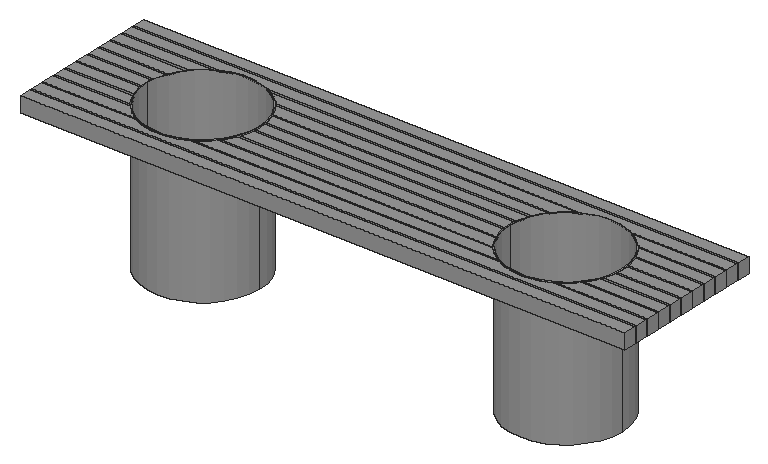
Revit family "Скамейка стальная «Фортуна» с кашпо Арт 16137", category Антураж, Revit 2018
Family settings
  На основе рабочей плоскости = Нет
  Всегда вертикально = Да
  При загрузке вырезать с полостями = Нет
  Источник визуального образа = Геометрия семейства
  Общий = Нет
  Точка расчета площади = Нет
Parameters (values of type "Скамейка стальная «Фортуна» с кашпо")
  Ширина = 510 mm  # constant formula
  Цвет опор = Сталь
  Цвет лавки = Дерево
  Описание = "Скамейка стальная «Фортуна» с кашпо"  # constant formula
  Материал изделия = "Сталь, дерево"  # constant formula
  Изображение типоразмера = Скамейка стальная «Фортуна» с кашпо Арт 16137.jpg
  Изготовитель = "ООО «Хоббика»"  # constant formula
  Длина = 2000 mm  # constant formula
  Группа модели = "Скамейки"  # constant formula
  Высота = 480 mm  # constant formula
  Артикул товара = "Арт. 16137"  # constant formula
  URL = "https://hobbyka.ru/product/skameyka_fortuna_s_kashpo_i_urnoy/"
Reference planes
  plane 1 "По центру (Вперед/Назад)": y = 0
  plane 2: z = 0
  plane 3 "По центру (Влево/Вправо)": x = 0
  plane 4: y = 510
  plane 5: x = 2000
  plane 6: z = 480
Forms (mm)
  Extrusion 1, solid, material "Дерево" <- "Цвет лавки"
    sketch origin (0, 0, 0) x (1, 0, 0) y (0, 1, 0)
      loop
        line (0, 0) -> (2000, 0) -> (2000, 40) -> (0, 40) -> (0, 0)
      loop
        line (0, 47) -> (2000, 47) -> (2000, 87.066) -> (1684.496, 87.066)
        arc (1684.496, 87.066) -> (1600.017, 67.011) -> (1515.536, 87.058) r 187.993
        line (1515.536, 87.058) -> (484.384, 87.058)
        arc (484.384, 87.058) -> (400.118, 67.077) -> (315.838, 87) r 187.949
        line (315.838, 87) -> (0, 87) -> (0, 47)
      loop
        line (497.072, 94) -> (1502.956, 94)
        arc (1502.956, 94) -> (1477.898, 112.07) -> (1456.137, 134) r 187.992
        line (1456.137, 134) -> (543.885, 134)
        arc (543.885, 134) -> (522.128, 112.07) -> (497.072, 94) r 188
      loop
        line (0, 134) -> (0, 94) -> (303.124, 94)
        arc (303.124, 94) -> (278.046, 112.067) -> (256.267, 134) r 187.943
        line (256.267, 134) -> (0, 134)
      loop
        line (2000, 134) -> (1743.885, 134)
        arc (1743.885, 134) -> (1722.128, 112.07) -> (1697.072, 94) r 188
        line (1697.072, 94) -> (2000, 94) -> (2000, 134)
      loop
        line (0, 141) -> (250.657, 141)
        arc (250.657, 141) -> (237.75, 160.278) -> (227.316, 181) r 187.938
        line (227.316, 181) -> (0, 181) -> (0, 141)
      loop
        line (2000, 181) -> (1772.824, 181)
        arc (1772.824, 181) -> (1762.394, 160.279) -> (1749.492, 141) r 188
        line (1749.492, 141) -> (2000, 141) -> (2000, 181)
      loop
        line (0, 188) -> (224.483, 188)
        arc (224.483, 188) -> (218.179, 207.713) -> (214.082, 228) r 187.939
        line (214.082, 228) -> (0, 228) -> (0, 188)
      loop
        line (2000, 228) -> (1786.051, 228)
        arc (1786.051, 228) -> (1781.956, 207.713) -> (1775.656, 188) r 188
        line (1775.656, 188) -> (2000, 188) -> (2000, 228)
      loop
        line (0, 235) -> (213.196, 235)
        arc (213.196, 235) -> (212.114, 254.999) -> (213.166, 275) r 187.964
        line (213.166, 275) -> (0, 275) -> (0, 235)
      loop
        line (2000, 275.809) -> (1786.95, 275.809)
        arc (1786.95, 275.809) -> (1788.068, 255.485) -> (1786.984, 235.158) r 188.068
        line (1786.984, 235.158) -> (2000, 235.158) -> (2000, 275.809)
      loop
        line (0, 282) -> (214.031, 282)
        arc (214.031, 282) -> (218.044, 302.282) -> (224.26, 322) r 188.093
        line (224.26, 322) -> (0, 322) -> (0, 282)
      loop
        line (2000, 322) -> (1775.533, 322)
        arc (1775.533, 322) -> (1781.933, 302.292) -> (1786.127, 282) r 188.097
        line (1786.127, 282) -> (2000, 282) -> (2000, 322)
      loop
        line (0, 328.41) -> (226.81, 328.41)
        arc (226.81, 328.41) -> (237.336, 349.398) -> (250.394, 368.91) r 188.069
        line (250.394, 368.91) -> (0, 368.91) -> (0, 328.41)
      loop
        line (2000, 369) -> (1749.271, 369)
        arc (1749.271, 369) -> (1762.212, 349.724) -> (1772.677, 329) r 187.951
        line (1772.677, 329) -> (2000, 329) -> (2000, 369)
      loop
        line (0, 376) -> (256.115, 376)
        arc (256.115, 376) -> (277.872, 397.93) -> (302.928, 416) r 188
        line (302.928, 416) -> (0, 416) -> (0, 376)
      loop
        line (2000, 416) -> (1696.739, 416)
        arc (1696.739, 416) -> (1721.846, 397.937) -> (1743.65, 376) r 187.919
        line (1743.65, 376) -> (2000, 376) -> (2000, 416)
      loop
        line (0, 423) -> (315.62, 423)
        arc (315.62, 423) -> (400, 443) -> (484.38, 423) r 188
        line (484.38, 423) -> (1515.771, 423)
        arc (1515.771, 423) -> (1599.889, 442.877) -> (1684.007, 423) r 187.929
        line (1684.007, 423) -> (2000, 423) -> (2000, 463) -> (0, 463) -> (0, 423)
      loop
        line (0, 470) -> (2000, 470) -> (2000, 510) -> (0, 510) -> (0, 470)
      loop
        line (543.885, 376) -> (1456.169, 376)
        arc (1456.169, 376) -> (1477.957, 397.934) -> (1503.046, 416) r 187.969
        line (1503.046, 416) -> (497.072, 416)
        arc (497.072, 416) -> (522.128, 397.93) -> (543.885, 376) r 188
      loop
        line (572.824, 329) -> (1427.211, 329)
        arc (1427.211, 329) -> (1437.647, 349.722) -> (1450.557, 369) r 187.98
        line (1450.557, 369) -> (549.492, 369)
        arc (549.492, 369) -> (562.394, 349.721) -> (572.824, 329) r 188
      loop
        line (586.051, 282) -> (1413.975, 282)
        arc (1413.975, 282) -> (1418.073, 302.287) -> (1424.377, 322) r 187.985
        line (1424.377, 322) -> (575.656, 322)
        arc (575.656, 322) -> (581.956, 302.287) -> (586.051, 282) r 188
      loop
        line (586.933, 235) -> (1413.09, 235)
        arc (1413.09, 235) -> (1412.024, 255) -> (1413.093, 275) r 187.987
        line (1413.093, 275) -> (586.933, 275)
        arc (586.933, 275) -> (588, 255) -> (586.933, 235) r 188
      loop
        line (575.656, 188) -> (1424.365, 188)
        arc (1424.365, 188) -> (1418.066, 207.713) -> (1413.971, 228) r 187.989
        line (1413.971, 228) -> (586.051, 228)
        arc (586.051, 228) -> (581.956, 207.713) -> (575.656, 188) r 188
      loop
        line (549.492, 141) -> (1450.529, 141)
        arc (1450.529, 141) -> (1437.627, 160.279) -> (1427.198, 181) r 187.99
        line (1427.198, 181) -> (572.824, 181)
        arc (572.824, 181) -> (562.394, 160.279) -> (549.492, 141) r 188
    from 430 to 480
  Extrusion 2, solid, material "Сталь" <- "Цвет опор"
    sketch origin (0, 0, 0) x (1, 0, 0) y (0, 1, 0)
      loop
        circle (400, 255) r 187.5
      loop
        circle (1600, 255) r 187.5
    from 0 to 480
  Extrusion 3, void
    sketch origin (0, 0, 0) x (1, 0, 0) y (0, 1, 0)
      loop
        circle (1600, 255) r 185
      loop
        circle (400, 255) r 185
    from 5 to 480
Cuts and joins
  Extrusion 3 cuts Extrusion 2
Lines and regions (mm)
  symbolic lines
    curve 1: circle (400, 255, 0) r 188 normal (0, 0, 1)
    curve 2: circle (1600, 255, 0) r 188 normal (0, 0, 1)
Dimensions and locks
  "Длина": plane 3 "По центру (Влево/Вправо)" to plane 5
  "Ширина": plane 4 to plane 1 "По центру (Вперед/Назад)"
  "Высота": plane 6 to plane 2
  aligned and locked: level to plane 2
Automatic sketch dimensions
  plane 3 "По центру (Влево/Вправо)" to curve 1 = 400 mm
  curve 2 to plane 5 = 400 mm
  curve 2 to plane 1 "По центру (Вперед/Назад)" = 255 mm
  curve 1 to plane 1 "По центру (Вперед/Назад)" = 255 mm
  Extrusion 1 sketch curve to Extrusion 1 sketch curve = 0 mm  (x19)
  plane 1 "По центру (Вперед/Назад)" to Extrusion 1 sketch curve = 0 mm
  Extrusion 1 sketch curve to plane 3 "По центру (Влево/Вправо)" = 0 mm  (x11)
  Extrusion 1 sketch curve to plane 5 = 0 mm  (x11)
  Extrusion 1 sketch curve to plane 4 = 0 mm
  Extrusion 1 sketch curve to Extrusion 1 sketch curve = 315.62 mm
  Extrusion 1 sketch curve to Extrusion 1 sketch curve = 0.865 mm
  Extrusion 1 sketch curve to Extrusion 1 sketch curve = 12.688 mm
  Extrusion 1 sketch curve to Extrusion 1 sketch curve = 12.692 mm  (x2)
  Extrusion 1 sketch curve to Extrusion 1 sketch curve = 46.813 mm
  Extrusion 1 sketch curve to Extrusion 1 sketch curve = 5.607 mm  (x4)
  Extrusion 1 sketch curve to Extrusion 1 sketch curve = 23.331 mm  (x3)
  Extrusion 1 sketch curve to Extrusion 1 sketch curve = 2.832 mm  (x4)
  Extrusion 1 sketch curve to Extrusion 1 sketch curve = 10.395 mm  (x2)
  Extrusion 1 sketch curve to Extrusion 1 sketch curve = 0.882 mm  (x3)
  Extrusion 1 sketch curve to plane 1 "По центру (Вперед/Назад)" = 40 mm
  Extrusion 1 sketch curve to Extrusion 1 sketch curve = 7 mm  (x19)
  Extrusion 1 sketch curve to Extrusion 1 sketch curve = 40 mm  (x10)
  Extrusion 1 sketch curve to Extrusion 1 sketch curve = 6.934 mm
  Extrusion 1 sketch curve to Extrusion 1 sketch curve = 7.158 mm
  Extrusion 1 sketch curve to Extrusion 1 sketch curve = 20 mm
  Extrusion 1 sketch curve to Extrusion 1 sketch curve = 6.191 mm
  Extrusion 1 sketch curve to Extrusion 1 sketch curve = 6.41 mm
  Extrusion 1 sketch curve to Extrusion 1 sketch curve = 40.5 mm
  Extrusion 1 sketch curve to Extrusion 1 sketch curve = 7.09 mm
  Extrusion 1 sketch curve to Extrusion 1 sketch curve = 5.61 mm
  Extrusion 1 sketch curve to Extrusion 1 sketch curve = 0.025 mm
  Extrusion 1 sketch curve to Extrusion 1 sketch curve = 0.01 mm  (x3)
  Extrusion 1 sketch curve to Extrusion 1 sketch curve = 0.004 mm  (x4)
  Extrusion 1 sketch curve to Extrusion 1 sketch curve = 23.34 mm
  Extrusion 1 sketch curve to Extrusion 1 sketch curve = 10.401 mm  (x2)
  Extrusion 1 sketch curve to Extrusion 1 sketch curve = 0.141 mm
  Extrusion 1 sketch curve to Extrusion 1 sketch curve = 0.03 mm
  Extrusion 1 sketch curve to Extrusion 1 sketch curve = 0.682 mm
  Extrusion 1 sketch curve to Extrusion 1 sketch curve = 10.229 mm
  Extrusion 1 sketch curve to Extrusion 1 sketch curve = 0.243 mm
  Extrusion 1 sketch curve to Extrusion 1 sketch curve = 31.855 mm
  Extrusion 1 sketch curve to Extrusion 1 sketch curve = 5.72 mm
  Extrusion 1 sketch curve to Extrusion 1 sketch curve = 0.143 mm
  Extrusion 1 sketch curve to Extrusion 1 sketch curve = 0.197 mm  (x2)
  Extrusion 1 sketch curve to Extrusion 1 sketch curve = 0.213 mm  (x2)
  Extrusion 1 sketch curve to Extrusion 1 sketch curve = 0.217 mm
  Extrusion 1 sketch curve to Extrusion 1 sketch curve = 0.221 mm
  Extrusion 1 sketch curve to Extrusion 1 sketch curve = 0.417 mm
  Extrusion 1 sketch curve to Extrusion 1 sketch curve = 0.885 mm
  Extrusion 1 sketch curve to Extrusion 1 sketch curve = 2.834 mm
  Extrusion 1 sketch curve to Extrusion 1 sketch curve = 12.714 mm
  Extrusion 1 sketch curve to plane 5 = 399.992 mm
  Extrusion 1 sketch curve to Extrusion 1 sketch curve = 12.725 mm
  Extrusion 1 sketch curve to Extrusion 1 sketch curve = 0.003 mm  (x2)
  Extrusion 1 sketch curve to Extrusion 1 sketch curve = 23.332 mm
  Extrusion 1 sketch curve to Extrusion 1 sketch curve = 0.005 mm
  Extrusion 1 sketch curve to Extrusion 1 sketch curve = 11.276 mm
  Extrusion 1 sketch curve to Extrusion 1 sketch curve = 0.886 mm
  Extrusion 1 sketch curve to Extrusion 1 sketch curve = 14.118 mm
  Extrusion 1 sketch curve to Extrusion 1 sketch curve = 31.792 mm
  Extrusion 1 sketch curve to Extrusion 1 sketch curve = 0.04 mm
  Extrusion 1 sketch curve to Extrusion 1 sketch curve = 0.119 mm
  Extrusion 1 sketch curve to Extrusion 1 sketch curve = 0.09 mm
  Extrusion 1 sketch curve to Extrusion 1 sketch curve = 59.643 mm
  Extrusion 1 sketch curve to Extrusion 1 sketch curve = 0.017 mm
  Extrusion 1 sketch curve to Extrusion 1 sketch curve = 29.026 mm
  Extrusion 1 sketch curve to Extrusion 1 sketch curve = 0.098 mm
  Extrusion 1 sketch curve to Extrusion 1 sketch curve = 10.594 mm
  Extrusion 1 sketch curve to Extrusion 1 sketch curve = 0.008 mm  (x5)
  Extrusion 1 sketch curve to Extrusion 1 sketch curve = 0.899 mm
  Extrusion 1 sketch curve to Extrusion 1 sketch curve = 14.16 mm
  Extrusion 1 sketch curve to Extrusion 1 sketch curve = 12.577 mm
  Extrusion 1 sketch curve to Extrusion 1 sketch curve = 40.066 mm
  Extrusion 1 sketch curve to Extrusion 1 sketch curve = 0.001 mm
  Extrusion 1 sketch curve to Extrusion 1 sketch curve = 0.014 mm
  Extrusion 1 sketch curve to Extrusion 1 sketch curve = 0.023 mm
  Extrusion 1 sketch curve to Extrusion 1 sketch curve = 0.035 mm
  Extrusion 1 sketch curve to Extrusion 1 sketch curve = 0.054 mm
  Extrusion 1 sketch curve to Extrusion 1 sketch curve = 0.052 mm
  Extrusion 1 sketch curve to Extrusion 1 sketch curve = 0.057 mm
  Extrusion 1 sketch curve to Extrusion 1 sketch curve = 0.669 mm
  Extrusion 1 sketch curve to Extrusion 1 sketch curve = 0.524 mm
  Extrusion 1 sketch curve to Extrusion 1 sketch curve = 0.823 mm
  Extrusion 1 sketch curve to Extrusion 1 sketch curve = 46.911 mm
  Extrusion 1 sketch curve to Extrusion 1 sketch curve = 5.612 mm
  Extrusion 1 sketch curve to Extrusion 1 sketch curve = 12.58 mm
  Extrusion 3 sketch curve to plane 5 = 400 mm
  Extrusion 3 sketch curve to plane 1 "По центру (Вперед/Назад)" = 255 mm  (x2)
  Extrusion 3 sketch curve to Extrusion 3 sketch curve = 185 mm  (x2)
  Extrusion 3 sketch curve to Extrusion 3 sketch curve = 0 mm  (x2)
  plane 3 "По центру (Влево/Вправо)" to Extrusion 3 sketch curve = 400 mm
  radius of curve 1 = 188 mm
  radius of curve 2 = 188 mm
